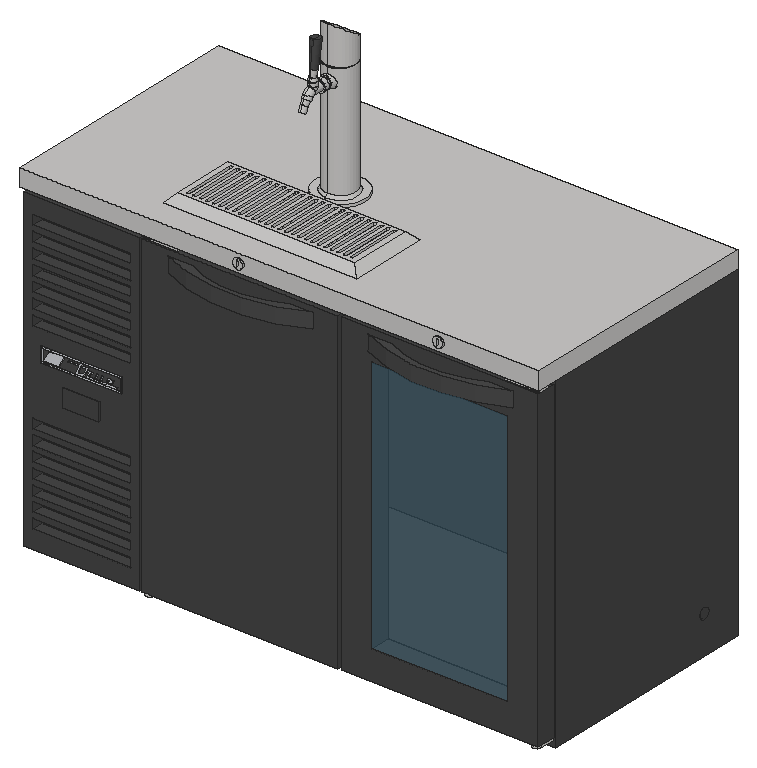
Revit family "QF_TRUE_TDR52-RISZ1-L-B-SG-1", category Specialty Equipment, Revit 2016
Family settings
  Part Type = Normal
  Round Connector Dimension = Use Diameter
  Work Plane-Based = No
  Always vertical = Yes
  Cut with Voids When Loaded = No
  Shared = No
  Room Calculation Point = No
Parameters (values of type "QF_TRUE_TDR52-RISZ1-L-B-SG-1")
  Weight in Pounds = 405
  Watts = if(Phase = 3, Volts * FL Amps * 1.73, Volts * FL Amps)  # 207 W
  Waste Water Discharge Temperature = 0 °F
  Volts = 115 V
  URL Cutsheet = ""
  Specification by User = ""
  Specification by Manufacturer = ""
  Show Logo [instance] = yes
  Show Leg Levelers [instance] = no
  Show Standard Unit [instance] = yes
  Show Seismic Flange [instance] = no
  Show 6 Inches Legs [instance] = no
  Show Clearance [instance] = yes
  Show 1 Inch Rollers [instance] = no
  Show 5 Inches Castors [instance] = no
  Show 4 Inches Castors [instance] = no
  Show 3 Inches Castors [instance] = no
  Show 2 Inches Castors [instance] = no
  Serial Number = ""
  Seismic Rating = ""
  SMACNA No = ""
  Revision Code = ""
  Plumbing Remarks = ""
  Plumbing Connection Type = ""
  Phase = 1
  Number of Poles = 1
  NAFEM Spec ID Number = ""
  Model = "TDR52-RISZ1-L-B-SG-1"
  Min Ckt Ampacity = 0 A
  Max Overcurrent Protection = 0 A
  Masterspec = ""
  Manufacturer = "TRUE"
  Length = 52"
  Item Number = ""
  Installed By = ""
  Indirect Waste Size = 1"
  Indirect Waste Flow = 0 GPM
  Indirect Waste Connection Type = ""
  Indirect Waste Connection Height = 0"
  Identify Quantity as Lot = yes
  Height [instance] = if(Show Standard Unit, 34 11/16", if(Show Leg Levelers, 34 15/16", if(Show 1 Inch Rollers, 35 9/16", if(Show 2 Inches Castors, 37 9/16", if(Show 3 Inches Castors, 38 9/16", if(Show 4 Inches Castors, 39 3/4", if(Show 5 Inches Castors, 40 3/4", if(Show 6 Inches Legs, 40 11/16", if(Show Seismic Flange, 40 11/16", 34 11/16")))))))))  # 34 11/16"
  HP = "1/5"
  Furnished By = ""
  Foodservice Equipment Identifier = yes
  FL Amps = 1.8 A
  Electrical Remarks = ""
  Electric Connection Type = ""
  Elec Conn RI Height = 0"
  Elec Conn Connection Height = 0"
  Description = "REACH-IN SINGLE ZONE REFRIGERATOR WITH LEFT SIDE REFRIGERATION SYSTEM. BLACK EXTERIOR AND SOLID & GLASS SWING DOORS"
  Depth = 26 3/8"
  Cycle = 60 Hz
  Conn Plug = "NEMA 5-15P"
  Conn Conduit = yes
  Cold Water Temperature Recommended = 0 °F
  Cold Water Size = 2 1/4"
  Cold Water RI Height = 0"
  Cold Water Minimum Pressure = 0.00 psi
  Cold Water Maximum Pressure = 0.00 psi
  Cold Water Flow = 0 GPM
  Cold Water Consumption = ""
  Cold Water Connection Height = 0"
  CSI MasterFormat = ""
  Apparent Power = if(Phase = 3, Volts * FL Amps * 1.73, Volts * FL Amps)  # 207 VA
Reference planes (in)
  plane 1 "BACK": y = 0
  plane 2: z = 0
  plane 3 "LEFT": x = 0
  plane 4 "RIGHT": x = 52
  plane 5 "FRONT": y = -26.375
  plane 6 "TOP": z = 0
  plane 7 "Center Y": x = 26
  plane 8 "Center X": y = -13.1875
  plane 9: y = -24.84375
  plane 10: y = -24.65625
  plane 11: y = -43.59375
  plane 12: z = 34.6875
Dimensions and locks (in)
  equal spacing: plane 3 "LEFT", plane 7 "Center Y", plane 4 "RIGHT"
  "Length": plane 3 "LEFT" to plane 4 "RIGHT"
  equal spacing: plane 5 "FRONT", plane 8 "Center X", plane 1 "BACK"
  "Depth": plane 5 "FRONT" to plane 1 "BACK"
  "Height": plane 12 to level
  plane 3 "LEFT" to plane 4 "RIGHT" = 52"
  plane 5 "FRONT" to plane 1 "BACK" = 26 3/8"
  plane 9 to plane 1 "BACK" = 24 27/32"
  plane 10 to plane 1 "BACK" = 24 21/32"
  plane 11 to plane 1 "BACK" = 43 19/32"
  locked: plane 12 to plane 6 "TOP" at 34.6875
  aligned and locked: level to plane 2
  aligned and locked: nested 1 to plane 6 "TOP"
Nested families (in)
  nested 1: "TDR52-RISZ1-L-B-SG-1" at (0, 0, 0), Show Clearance <- "Show Clearance", Show Logo <- "Show Logo", type "TDR52-RISZ1-L-B-SG-1"
    with Show Logo yes, Show Clearance yes
  nested 2: "CASTORS & LEGS" at (4, -20.61228, 0), Show 2 Inches Castors <- "Show 2 Inches Castors", Show 3 Inches Castors <- "Show 3 Inches Castors", Show 4 Inches Castors <- "Show 4 Inches Castors", Show 5 Inches Castors <- "Show 5 Inches Castors", Show Legs <- "Show 6 Inches Legs", Show Legs with Flandge <- "Show Seismic Flange", Show 1 Inch Rollers <- "Show 1 Inch Rollers", Show Leg Levelers <- "Show Leg Levelers", type "CASTORS & LEGS"
    with Type Mark "", Status "", Specification by User "", Show Legs with Flandge no, Show Legs no, Show Leg Levelers no, Show 5 Inches Castors no, Show 4 Inches Castors no, Show 3 Inches Castors no, Show 2 Inches Castors no, Show 1 Inch Rollers no, Revision Code "", Item Number "", Installed By "", Identify Quantity as Lot yes, Furnished By "", Foodservice Equipment Identifier yes
  nested 3: "CASTORS & LEGS" at (48, -20.61228, 0), Show 2 Inches Castors <- "Show 2 Inches Castors", Show 3 Inches Castors <- "Show 3 Inches Castors", Show 4 Inches Castors <- "Show 4 Inches Castors", Show 5 Inches Castors <- "Show 5 Inches Castors", Show Legs <- "Show 6 Inches Legs", Show Legs with Flandge <- "Show Seismic Flange", Show 1 Inch Rollers <- "Show 1 Inch Rollers", Show Leg Levelers <- "Show Leg Levelers", type "CASTORS & LEGS"
    with Type Mark "", Status "", Specification by User "", Show Legs with Flandge no, Show Legs no, Show Leg Levelers no, Show 5 Inches Castors no, Show 4 Inches Castors no, Show 3 Inches Castors no, Show 2 Inches Castors no, Show 1 Inch Rollers no, Revision Code "", Item Number "", Installed By "", Identify Quantity as Lot yes, Furnished By "", Foodservice Equipment Identifier yes
  nested 4: "CASTORS & LEGS" at (4, -3.48728, 0), Show 2 Inches Castors <- "Show 2 Inches Castors", Show 3 Inches Castors <- "Show 3 Inches Castors", Show 4 Inches Castors <- "Show 4 Inches Castors", Show 5 Inches Castors <- "Show 5 Inches Castors", Show Legs <- "Show 6 Inches Legs", Show Legs with Flandge <- "Show Seismic Flange", Show 1 Inch Rollers <- "Show 1 Inch Rollers", Show Leg Levelers <- "Show Leg Levelers", type "CASTORS & LEGS"
    with Type Mark "", Status "", Specification by User "", Show Legs with Flandge no, Show Legs no, Show Leg Levelers no, Show 5 Inches Castors no, Show 4 Inches Castors no, Show 3 Inches Castors no, Show 2 Inches Castors no, Show 1 Inch Rollers no, Revision Code "", Item Number "", Installed By "", Identify Quantity as Lot yes, Furnished By "", Foodservice Equipment Identifier yes
  nested 5: "CASTORS & LEGS" at (48, -3.48728, 0), Show 2 Inches Castors <- "Show 2 Inches Castors", Show 3 Inches Castors <- "Show 3 Inches Castors", Show 4 Inches Castors <- "Show 4 Inches Castors", Show 5 Inches Castors <- "Show 5 Inches Castors", Show Legs <- "Show 6 Inches Legs", Show Legs with Flandge <- "Show Seismic Flange", Show 1 Inch Rollers <- "Show 1 Inch Rollers", Show Leg Levelers <- "Show Leg Levelers", type "CASTORS & LEGS"
    with Type Mark "", Status "", Specification by User "", Show Legs with Flandge no, Show Legs no, Show Leg Levelers no, Show 5 Inches Castors no, Show 4 Inches Castors no, Show 3 Inches Castors no, Show 2 Inches Castors no, Show 1 Inch Rollers no, Revision Code "", Item Number "", Installed By "", Identify Quantity as Lot yes, Furnished By "", Foodservice Equipment Identifier yes
Connectors (in)
  electrical at (6, 0.25, 18.5), driven by "Volts", driven by "Watts"
    settings: on nested 1, index 1, voltage 115 V, apparent load 207 VA, apparent load phase1 0 VA, apparent load phase2 0 VA, apparent load phase3 0 VA, power factor 1, load classification "Other", number of poles 1, system type 30, power factor state 1, is connector primary yes, connector utility no, sub classification motor no, connector description "ELECTRICAL CONNECTION"
  piping at (16.75, -4.96875, 0.48808), diameter 2.25
    settings: on nested 1, index 2, connector inside diameter 24", connector length 0", flow factor 0, pipe flow 0 GPM, pressure drop 0.00 psi, fitting loss kfactor 0, connector angle 0.00°, fixture units 0, engagement length 0", angle of deflection 0.00°, flow configuration 1, flow direction 2, fitting loss method 0, system type 16, joint type 0, gender type 0, connector reference index -1, connector utility 0, adjustable connector no, is connector primary yes, connector description "FLOOR ACCESS"
  piping at (44.25, -4.34375, 0.48808), diameter 1, driven by "Indirect Waste Size"
    settings: on nested 1, index 3, connector inside diameter 24", connector length 0", flow factor 0, pipe flow 0 GPM, pressure drop 0.00 psi, fitting loss kfactor 0, connector angle 0.00°, fixture units 0, engagement length 0", angle of deflection 0.00°, flow configuration 1, flow direction 1, fitting loss method 0, system type 22, joint type 0, gender type 0, connector reference index -1, connector utility 0, adjustable connector no, is connector primary no, connector description "DRAIN"
  piping at (52.125, -4.3125, 3.96875), diameter 1
    settings: on nested 1, index 4, connector inside diameter 24", connector length 0", flow factor 0, pipe flow 0 GPM, pressure drop 0.00 psi, fitting loss kfactor 0, connector angle 0.00°, fixture units 0, engagement length 0", angle of deflection 0.00°, flow configuration 1, flow direction 1, fitting loss method 0, system type 22, joint type 0, gender type 0, connector reference index -1, connector utility 0, adjustable connector no, is connector primary no, connector description "CONDENSATE"
Definition of nested family "TDR52-RISZ1-L-B-SG-1"
  Parameters (values of type "TDR52-RISZ1-L-B-SG-1")
    Weight in Pounds = 405
    Watts = if(Phase = 3, Volts * FL Amps * 1.73, Volts * FL Amps)  # 207 W
    Waste Water Discharge Temperature = 0 °F
    Volts = 115 V
    URL Cutsheet = ""
    Specification by User = ""
    Specification by Manufacturer = ""
    Show Logo [instance] = yes
    Show Clearance [instance] = yes
    Serial Number = ""
    Seismic Rating = ""
    SMACNA No = ""
    Revision Code = ""
    Plumbing Remarks = ""
    Plumbing Connection Type = ""
    Phase = 1
    Number of Poles = 1
    NAFEM Spec ID Number = ""
    Model = "TBR52-RISZ1-L-B-GG-1"
    Min Ckt Ampacity = 0 A
    Max Overcurrent Protection = 0 A
    Masterspec = ""
    Manufacturer = "TRUE"
    Length = 52"
    Item Number = ""
    Installed By = ""
    Indirect Waste Size = 1"
    Indirect Waste Flow = 0 GPM
    Indirect Waste Connection Type = ""
    Indirect Waste Connection Height = 0"
    Identify Quantity as Lot = yes
    Height = 34 11/16"
    HP = "1/5"
    Furnished By = ""
    Foodservice Equipment Identifier = yes
    FL Amps = 1.8 A
    Electrical Remarks = ""
    Electric Connection Type = ""
    Elec Conn RI Height = 0"
    Elec Conn Connection Height = 0"
    Description = "REACH-IN SINGLE ZONE REFRIGERATOR WITH LEFT SIDE REFRIGERATION SYSTEM. BLACK EXTERIOR AND GLASS SWING DOORS"
    Depth = 26 3/8"
    Cycle = 60 Hz
    Conn Plug = "NEMA 5-15P"
    Conn Conduit = yes
    Cold Water Temperature Recommended = 0 °F
    Cold Water Size = 2 1/4"
    Cold Water RI Height = 0"
    Cold Water Minimum Pressure = 0.00 psi
    Cold Water Maximum Pressure = 0.00 psi
    Cold Water Flow = 0 GPM
    Cold Water Consumption = ""
    Cold Water Connection Height = 0"
    CSI MasterFormat = ""
    Apparent Power = if(Phase = 3, Volts * FL Amps * 1.73, Volts * FL Amps)  # 207 VA
  Reference planes (in)
    plane 1 "BACK": y = 0
    plane 2: z = 0
    plane 3 "LEFT": x = 0
    plane 4 "RIGHT": x = 52
    plane 5 "FRONT": y = -26.375
    plane 6 "TOP": z = 34.6875
    plane 7 "Center Y": x = 26
    plane 8 "Center X": y = -13.1875
    plane 9: y = -24.84375
    plane 10: y = -24.65625
    plane 11: y = -43.59375
    plane 12: x = 21.96875
    plane 13: y = -12.21875
    plane 14: z = 50.4375
  Forms (in)
    Extrusion 1, solid
      sketch origin (0, 0, 0) x (0, 1, 0) y (0, 0, 1)
        loop
          line (-24.84375, 34.6875) -> (-24.84375, 32.9375) -> (0, 32.9375) -> (0, 34.6875) -> (-24.84375, 34.6875)
      from 0 to 52
    Extrusion 2, solid
      sketch origin (0, 0, 0) x (1, 0, 0) y (0, 0, 1)
        loop
          line (0, 32.9375) -> (0, 0) -> (52, 0) -> (52, 32.9375) -> (0, 32.9375)
        loop
          line (12.09375, 32.46875) -> (12.09375, 0.78125) -> (51.75, 0.78125) -> (51.75, 32.46875) -> (12.09375, 32.46875)
      from 0 to 22.75
    Extrusion 3, solid
      sketch origin (0, 0, 0) x (-1, 0, 0) y (0, 0, 1)
        loop
          line (-12.09375, 32.46875) -> (-51.75, 32.46875) -> (-51.75, 0.78125) -> (-12.09375, 0.78125) -> (-12.09375, 32.46875)
      from 0 to -2
    Extrusion 4, solid
      sketch origin (0, -22.75, 0) x (1, 0, 0) y (0, 0, 1)
        loop
          line (0.25, 0.78125) -> (11.84375, 0.78125) -> (11.84375, 32.46875) -> (0.25, 32.46875) -> (0.25, 0.78125)
        loop
          line (1.125, 30.81709) -> (1.125, 29.81709) -> (10.96875, 29.81709) -> (10.96875, 30.81709) -> (1.125, 30.81709)
        loop
          line (1.125, 29.31709) -> (1.125, 28.31709) -> (10.96875, 28.31709) -> (10.96875, 29.31709) -> (1.125, 29.31709)
        loop
          line (1.125, 27.81709) -> (1.125, 26.81709) -> (10.96875, 26.81709) -> (10.96875, 27.81709) -> (1.125, 27.81709)
        loop
          line (1.125, 26.31709) -> (1.125, 25.31709) -> (10.96875, 25.31709) -> (10.96875, 26.31709) -> (1.125, 26.31709)
        loop
          line (1.125, 24.81709) -> (1.125, 23.81709) -> (10.96875, 23.81709) -> (10.96875, 24.81709) -> (1.125, 24.81709)
        loop
          line (1.125, 21.81709) -> (1.125, 20.81709) -> (10.96875, 20.81709) -> (10.96875, 21.81709) -> (1.125, 21.81709)
        loop
          line (1.125, 23.31709) -> (1.125, 22.31709) -> (10.96875, 22.31709) -> (10.96875, 23.31709) -> (1.125, 23.31709)
        loop
          line (1.125, 12.56709) -> (1.125, 11.56709) -> (10.96875, 11.56709) -> (10.96875, 12.56709) -> (1.125, 12.56709)
        loop
          line (1.125, 11.06709) -> (1.125, 10.06709) -> (10.96875, 10.06709) -> (10.96875, 11.06709) -> (1.125, 11.06709)
        loop
          line (1.125, 9.56709) -> (1.125, 8.56709) -> (10.96875, 8.56709) -> (10.96875, 9.56709) -> (1.125, 9.56709)
        loop
          line (1.125, 8.06709) -> (1.125, 7.06709) -> (10.96875, 7.06709) -> (10.96875, 8.06709) -> (1.125, 8.06709)
        loop
          line (1.125, 6.56709) -> (1.125, 5.56709) -> (10.96875, 5.56709) -> (10.96875, 6.56709) -> (1.125, 6.56709)
        loop
          line (1.125, 3.56709) -> (1.125, 2.56709) -> (10.96875, 2.56709) -> (10.96875, 3.56709) -> (1.125, 3.56709)
        loop
          line (1.125, 5.06709) -> (1.125, 4.06709) -> (10.96875, 4.06709) -> (10.96875, 5.06709) -> (1.125, 5.06709)
      from 0.125 to 1.90625
    Extrusion 5, solid
      sketch origin (0, -22.75, 0) x (1, 0, 0) y (0, 0, 1)
        loop
          line (12.09375, 0.78125) -> (31.71875, 0.78125) -> (31.71875, 32.46875) -> (12.09375, 32.46875) -> (12.09375, 0.78125)
        loop
          line (51.75, 0.78125) -> (51.75, 32.46875) -> (32.125, 32.46875) -> (32.125, 0.78125) -> (51.75, 0.78125)
        loop
          line (48.75, 29.46875) -> (35.125, 29.46875) -> (35.125, 3.78125) -> (48.75, 3.78125) -> (48.75, 29.46875)
      from 0 to 1.90625
    Extrusion 6, solid
      sketch origin (0, -22.75, 0) x (1, 0, 0) y (0, 0, 1)
        loop
          line (35.125, 29.46875) -> (35.125, 3.78125) -> (48.75, 3.78125) -> (48.75, 29.46875) -> (35.125, 29.46875)
      from 0 to 1.90625
    Extrusion 7, solid
      sketch origin (0.04324, -24.65625, 0) x (1, 0, 0) y (0, 0, 1)
        loop
          line (4.20676, 16.37472) -> (4.20676, 14.62472) -> (7.80051, 14.62472) -> (7.80051, 16.37472) -> (4.20676, 16.37472)
      from 0 to 0.125
    Extrusion 8, solid
      sketch origin (6, -24.84375, 34.4375) x (0, 0, 1) y (-1, 0, 0)
        loop
          circle (-0.65572, -15.90625) r 0.5
        loop
          line (-0.32569, -15.84362) -> (-0.96744, -15.84362) -> (-0.96744, -15.98332) -> (-0.32569, -15.98332) -> (-0.32569, -15.84362)
        loop
          circle (-0.65572, -35.9375) r 0.5
        loop
          line (-0.32569, -35.87487) -> (-0.96744, -35.87487) -> (-0.96744, -36.01457) -> (-0.32569, -36.01457) -> (-0.32569, -35.87487)
      from 0 to 0.125
    Extrusion 9, solid
      sketch origin (0, -22.75, 0) x (1, 0, 0) y (0, 0, 1)
        loop
          line (1.28286, 30.81709) -> (1.28286, 29.81709) -> (11.12661, 29.81709) -> (11.12661, 30.81709) -> (1.28286, 30.81709)
        loop
          line (1.28286, 29.31709) -> (1.28286, 28.31709) -> (11.12661, 28.31709) -> (11.12661, 29.31709) -> (1.28286, 29.31709)
        loop
          line (1.28286, 27.81709) -> (1.28286, 26.81709) -> (11.12661, 26.81709) -> (11.12661, 27.81709) -> (1.28286, 27.81709)
        loop
          line (1.28286, 26.31709) -> (1.28286, 25.31709) -> (11.12661, 25.31709) -> (11.12661, 26.31709) -> (1.28286, 26.31709)
        loop
          line (1.28286, 24.81709) -> (1.28286, 23.81709) -> (11.12661, 23.81709) -> (11.12661, 24.81709) -> (1.28286, 24.81709)
        loop
          line (1.28286, 21.81709) -> (1.28286, 20.81709) -> (11.12661, 20.81709) -> (11.12661, 21.81709) -> (1.28286, 21.81709)
        loop
          line (1.28286, 23.31709) -> (1.28286, 22.31709) -> (11.12661, 22.31709) -> (11.12661, 23.31709) -> (1.28286, 23.31709)
        loop
          line (1.28286, 12.56709) -> (1.28286, 11.56709) -> (11.12661, 11.56709) -> (11.12661, 12.56709) -> (1.28286, 12.56709)
        loop
          line (1.28286, 11.06709) -> (1.28286, 10.06709) -> (11.12661, 10.06709) -> (11.12661, 11.06709) -> (1.28286, 11.06709)
        loop
          line (1.28286, 9.56709) -> (1.28286, 8.56709) -> (11.12661, 8.56709) -> (11.12661, 9.56709) -> (1.28286, 9.56709)
        loop
          line (1.28286, 8.06709) -> (1.28286, 7.06709) -> (11.12661, 7.06709) -> (11.12661, 8.06709) -> (1.28286, 8.06709)
        loop
          line (1.28286, 6.56709) -> (1.28286, 5.56709) -> (11.12661, 5.56709) -> (11.12661, 6.56709) -> (1.28286, 6.56709)
        loop
          line (1.28286, 3.56709) -> (1.28286, 2.56709) -> (11.12661, 2.56709) -> (11.12661, 3.56709) -> (1.28286, 3.56709)
        loop
          line (1.28286, 5.06709) -> (1.28286, 4.06709) -> (11.12661, 4.06709) -> (11.12661, 5.06709) -> (1.28286, 5.06709)
      from 0.125 to 0.7394
    Extrusion 10, solid
      sketch origin (38.62034, -22.77627, 32.7789) x (-1, 0, 0) y (0, -1, 0)
        loop
          line (26.54069, 1.96875) -> (25.55416, 1.96875) -> (25.58853, 0) -> (26.50632, 0) -> (26.54069, 1.96875)
        loop
          circle (26.09249, 1.43752) r 0.25
      from 0 to 0.1586
    Extrusion 11, solid
      sketch origin (11.86749, -22.16889, 0.78125) x (0, -1, 0) y (-1, 0, 0)
        loop
          line (0.60739, -1.14466) -> (2.06523, -1.11503)
          arc (2.06523, -1.11503) -> (2.48736, -0.68546) -> (2.06523, -0.25589) r 0.42963
          line (2.06523, -0.25589) -> (0.60739, -0.22626) -> (0.60739, -1.14466)
        loop
          circle (2.05773, -0.68546) r 0.25
      from 0 to 0.22057
    Extrusion 12, solid
      sketch origin (11.86749, -22.16889, 0.78125) x (0, -1, 0) y (-1, 0, 0)
        loop
          circle (2.05773, -0.68546) r 0.25
      from 0 to 0.29961
    Extrusion 13, solid
      sketch origin (38.62034, -22.16889, 32.46875) x (-1, 0, 0) y (0, -1, 0)
        loop
          line (26.52659, 1.27764) -> (26.52659, 2.32875) -> (23.06149, 2.32875) -> (23.06149, 1.27764) -> (26.52659, 1.27764)
        loop
          circle (26.09113, 1.82353) r 0.25
        loop
          circle (24.44087, 1.81192) r 0.25
        loop
          circle (23.44087, 1.81192) r 0.25
      from 0 to 0.22057
    Extrusion 14, solid
      sketch origin (38.62034, -22.16889, 32.46875) x (-1, 0, 0) y (0, -1, 0)
        loop
          circle (24.44087, 1.81192) r 0.25
        loop
          circle (23.44087, 1.81192) r 0.25
      from 0 to 0.31015
    Extrusion 15, solid
      sketch origin (11.86749, -22.16889, 0.78125) x (0, -1, 0) y (-1, 0, 0)
        loop
          line (0.60739, -1.14466) -> (2.06523, -1.11503)
          arc (2.06523, -1.11503) -> (2.48736, -0.68546) -> (2.06523, -0.25589) r 0.42963
          line (2.06523, -0.25589) -> (0.60739, -0.22626) -> (0.60739, -1.14466)
        loop
          circle (2.05773, -0.68546) r 0.25
      from 0 to 0.22057
    Extrusion 16, solid
      sketch origin (11.86749, -22.16889, 0.78125) x (0, -1, 0) y (-1, 0, 0)
        loop
          circle (2.05773, -0.68546) r 0.25
      from 0 to 0.29961
    Extrusion 17, solid
      sketch origin (38.62034, -22.16889, 32.9664) x (-1, 0, 0) y (0, -1, 0)
        loop
          circle (26.09249, 1.82353) r 0.25
      from -0.0289 to -0.27708
    Extrusion 18, solid
      sketch origin (25.22341, -22.77627, 32.7789) x (1, 0, 0) y (0, 1, 0)
        loop
          line (26.54069, -1.96875) -> (26.50632, 0) -> (25.58853, 0) -> (25.55416, -1.96875) -> (26.54069, -1.96875)
        loop
          circle (26.09249, -1.43752) r 0.25
      from 0 to 0.1586
    Extrusion 19, solid
      sketch origin (51.97626, -22.16889, 0.78125) x (0, 1, 0) y (1, 0, 0)
        loop
          line (-0.60739, -1.14466) -> (-0.60739, -0.22626) -> (-2.06523, -0.25589)
          arc (-2.06523, -0.25589) -> (-2.48736, -0.68546) -> (-2.06523, -1.11503) r 0.42963
          line (-2.06523, -1.11503) -> (-0.60739, -1.14466)
        loop
          circle (-2.05773, -0.68546) r 0.25
      from 0 to 0.22057
    Extrusion 20, solid
      sketch origin (51.97626, -22.16889, 0.78125) x (0, 1, 0) y (1, 0, 0)
        loop
          circle (-2.05773, -0.68546) r 0.25
      from 0 to 0.29961
    Extrusion 21, solid
      sketch origin (25.22341, -22.16889, 32.46875) x (1, 0, 0) y (0, 1, 0)
        loop
          line (26.52659, -1.27764) -> (23.06149, -1.27764) -> (23.06149, -2.32875) -> (26.52659, -2.32875) -> (26.52659, -1.27764)
        loop
          circle (26.09113, -1.82353) r 0.25
        loop
          circle (24.44087, -1.81192) r 0.25
        loop
          circle (23.44087, -1.81192) r 0.25
      from 0 to 0.22057
    Extrusion 22, solid
      sketch origin (25.22341, -22.16889, 32.46875) x (1, 0, 0) y (0, 1, 0)
        loop
          circle (24.44087, -1.81192) r 0.25
        loop
          circle (23.44087, -1.81192) r 0.25
      from 0 to 0.31015
    Extrusion 23, solid
      sketch origin (51.97626, -22.16889, 0.78125) x (0, 1, 0) y (1, 0, 0)
        loop
          line (-0.60739, -1.14466) -> (-0.60739, -0.22626) -> (-2.06523, -0.25589)
          arc (-2.06523, -0.25589) -> (-2.48736, -0.68546) -> (-2.06523, -1.11503) r 0.42963
          line (-2.06523, -1.11503) -> (-0.60739, -1.14466)
        loop
          circle (-2.05773, -0.68546) r 0.25
      from 0 to 0.22057
    Extrusion 24, solid
      sketch origin (51.97626, -22.16889, 0.78125) x (0, 1, 0) y (1, 0, 0)
        loop
          circle (-2.05773, -0.68546) r 0.25
      from 0 to 0.29961
    Extrusion 25, solid
      sketch origin (25.22341, -22.16889, 32.9664) x (1, 0, 0) y (0, 1, 0)
        loop
          circle (26.09249, -1.82353) r 0.25
      from -0.0289 to -0.27708
    Extrusion 26, solid
      sketch origin (32.8125, -22.75, 32.46875) x (-1, 0, 0) y (0, -1, 0)
        loop
          arc (18.16831, 1.90625) -> (10.90625, 3.65113) -> (3.64419, 1.90625) r 15.9845
          line (3.64419, 1.90625) -> (5.9146, 1.90625)
          arc (5.9146, 1.90625) -> (10.90625, 3.15287) -> (15.8979, 1.90625) r 10.61701
          line (15.8979, 1.90625) -> (18.16831, 1.90625)
        loop
          arc (-1.86294, 1.90625) -> (-9.125, 3.65113) -> (-16.38706, 1.90625) r 15.9845
          line (-16.38706, 1.90625) -> (-14.11665, 1.90625)
          arc (-14.11665, 1.90625) -> (-9.125, 3.15287) -> (-4.13335, 1.90625) r 10.61701
          line (-4.13335, 1.90625) -> (-1.86294, 1.90625)
      from -2.11784 to -0.60631
    Extrusion 27, solid
      sketch origin (52, 0, 0) x (0, -1, 0) y (0, 0, 1)
        loop
          circle (4.3125, 3.96875) r 0.5
      from 0 to -0.125
    Extrusion 28, solid
      sketch origin (0, 0, 0) x (-1, 0, 0) y (0, 0, 1)
        loop
          line (0, 0) -> (0, 19.4375) -> (-10.96875, 19.4375) -> (-10.96875, 0) -> (0, 0)
      from 0 to 0.125
    Extrusion 29, solid
      sketch origin (0, 0, 0) x (-1, 0, 0) y (0, 0, 1)
        loop
          circle (-6, 18.5) r 0.5
        loop
          circle (-6, 21.75) r 0.5
      from 0 to 0.25
    Extrusion 30, solid
      sketch origin (48, 0, 0) x (0, 1, 0) y (1, 0, 0)
        loop
          circle (-4.96875, -31.25) r 1.25
        loop
          circle (-4.34375, -3.75) r 0.5
      from 0 to -0.48808
    Extrusion 31, solid, visible <- "Show Clearance", detail levels coarse
      sketch origin (0, 0, 0) x (1, 0, 0) y (0, 1, 0)
        loop
          line (12.09375, -24.65625) -> (12.09375, -43.59375)
          arc (12.09375, -43.59375) -> (25.76963, -38.12863) -> (31.71875, -24.65625) r 19.49216
          line (31.71875, -24.65625) -> (12.09375, -24.65625)
        loop
          line (51.75, -24.65625) -> (32.125, -24.65625)
          arc (32.125, -24.65625) -> (38.07412, -38.12863) -> (51.75, -43.59375) r 19.49216
          line (51.75, -43.59375) -> (51.75, -24.65625)
      from 0.78125 to 32.46875
    Revolve 32, solid
      sketch origin (21.96875, 7.92254, 48) x (0, 1, 0) y (0, 0, 1)
        loop
          line (-21.6916, 2.4375) -> (-21.6916, -1.28109) -> (-21.57551, -1.28109) -> (-21.57551, -1.4063) -> (-21.6916, -1.4063) -> (-21.6916, -12.76014) -> (-21.8852, -13.09546) -> (-22.6352, -13.09546) -> (-22.6352, -13.3125) -> (-20.14129, -13.3125) -> (-20.14129, 2.4375) -> (-21.6916, 2.4375)
        axis (-20.14129, -13.3125) -> (-20.14129, 2.4375)
      angle from 0 to 360
    Blend 33, solid
      base sketch origin (48.94358, -0.10353, 34.6875) x (-1, 0, 0) y (0, -1, 0)
        loop
          line (36.625, 14.26103) -> (36.625, 22.11177) -> (17.32467, 22.11177) -> (17.32467, 14.26103) -> (36.625, 14.26103)
      top sketch origin (48.94358, -0.10353, 34.6875) x (-1, 0, 0) y (0, -1, 0)
        loop
          line (35.875, 15.01103) -> (35.875, 21.36177) -> (18.07467, 21.36177) -> (18.07467, 15.01103) -> (35.875, 15.01103)
      from 0 to 0.80078
    Extrusion 34, void
      sketch origin (48.67015, -0.10353, 35.48828) x (-1, 0, 0) y (0, -1, 0)
        loop
          arc (35.09417, 20.80347) -> (34.9223, 20.97534) -> (34.75042, 20.80347) r 0.17187
          line (34.75042, 20.80347) -> (34.75042, 15.53813)
          arc (34.75042, 15.53813) -> (34.9223, 15.36625) -> (35.09417, 15.53813) r 0.17187
          line (35.09417, 15.53813) -> (35.09417, 20.80347)
        loop
          arc (34.43792, 20.80347) -> (34.26605, 20.97534) -> (34.09417, 20.80347) r 0.17187
          line (34.09417, 20.80347) -> (34.09417, 15.53813)
          arc (34.09417, 15.53813) -> (34.26605, 15.36625) -> (34.43792, 15.53813) r 0.17187
          line (34.43792, 15.53813) -> (34.43792, 20.80347)
        loop
          arc (33.78167, 20.80347) -> (33.6098, 20.97534) -> (33.43792, 20.80347) r 0.17187
          line (33.43792, 20.80347) -> (33.43792, 15.53813)
          arc (33.43792, 15.53813) -> (33.6098, 15.36625) -> (33.78167, 15.53813) r 0.17187
          line (33.78167, 15.53813) -> (33.78167, 20.80347)
        loop
          arc (33.12542, 20.80347) -> (32.95355, 20.97534) -> (32.78167, 20.80347) r 0.17187
          line (32.78167, 20.80347) -> (32.78167, 15.53813)
          arc (32.78167, 15.53813) -> (32.95355, 15.36625) -> (33.12542, 15.53813) r 0.17187
          line (33.12542, 15.53813) -> (33.12542, 20.80347)
        loop
          arc (32.46917, 20.80347) -> (32.2973, 20.97534) -> (32.12542, 20.80347) r 0.17187
          line (32.12542, 20.80347) -> (32.12542, 15.53813)
          arc (32.12542, 15.53813) -> (32.2973, 15.36625) -> (32.46917, 15.53813) r 0.17187
          line (32.46917, 15.53813) -> (32.46917, 20.80347)
        loop
          arc (31.81292, 20.80347) -> (31.64105, 20.97534) -> (31.46917, 20.80347) r 0.17187
          line (31.46917, 20.80347) -> (31.46917, 15.53813)
          arc (31.46917, 15.53813) -> (31.64105, 15.36625) -> (31.81292, 15.53813) r 0.17187
          line (31.81292, 15.53813) -> (31.81292, 20.80347)
        loop
          arc (31.15667, 20.80347) -> (30.9848, 20.97534) -> (30.81292, 20.80347) r 0.17187
          line (30.81292, 20.80347) -> (30.81292, 15.53813)
          arc (30.81292, 15.53813) -> (30.9848, 15.36625) -> (31.15667, 15.53813) r 0.17187
          line (31.15667, 15.53813) -> (31.15667, 20.80347)
        loop
          arc (30.50042, 20.80347) -> (30.32855, 20.97534) -> (30.15667, 20.80347) r 0.17187
          line (30.15667, 20.80347) -> (30.15667, 15.53813)
          arc (30.15667, 15.53813) -> (30.32855, 15.36625) -> (30.50042, 15.53813) r 0.17187
          line (30.50042, 15.53813) -> (30.50042, 20.80347)
        loop
          arc (29.84417, 20.80347) -> (29.6723, 20.97534) -> (29.50042, 20.80347) r 0.17187
          line (29.50042, 20.80347) -> (29.50042, 15.53813)
          arc (29.50042, 15.53813) -> (29.6723, 15.36625) -> (29.84417, 15.53813) r 0.17187
          line (29.84417, 15.53813) -> (29.84417, 20.80347)
        loop
          arc (29.18792, 20.80347) -> (29.01605, 20.97534) -> (28.84417, 20.80347) r 0.17187
          line (28.84417, 20.80347) -> (28.84417, 15.53813)
          arc (28.84417, 15.53813) -> (29.01605, 15.36625) -> (29.18792, 15.53813) r 0.17187
          line (29.18792, 15.53813) -> (29.18792, 20.80347)
        loop
          arc (28.53167, 20.80347) -> (28.3598, 20.97534) -> (28.18792, 20.80347) r 0.17187
          line (28.18792, 20.80347) -> (28.18792, 15.53813)
          arc (28.18792, 15.53813) -> (28.3598, 15.36625) -> (28.53167, 15.53813) r 0.17187
          line (28.53167, 15.53813) -> (28.53167, 20.80347)
        loop
          arc (27.87542, 20.80347) -> (27.70355, 20.97534) -> (27.53167, 20.80347) r 0.17187
          line (27.53167, 20.80347) -> (27.53167, 15.53813)
          arc (27.53167, 15.53813) -> (27.70355, 15.36625) -> (27.87542, 15.53813) r 0.17187
          line (27.87542, 15.53813) -> (27.87542, 20.80347)
        loop
          arc (27.21917, 20.80347) -> (27.0473, 20.97534) -> (26.87542, 20.80347) r 0.17187
          line (26.87542, 20.80347) -> (26.87542, 15.53813)
          arc (26.87542, 15.53813) -> (27.0473, 15.36625) -> (27.21917, 15.53813) r 0.17187
          line (27.21917, 15.53813) -> (27.21917, 20.80347)
        loop
          arc (26.56292, 20.80347) -> (26.39105, 20.97534) -> (26.21917, 20.80347) r 0.17187
          line (26.21917, 20.80347) -> (26.21917, 15.53813)
          arc (26.21917, 15.53813) -> (26.39105, 15.36625) -> (26.56292, 15.53813) r 0.17187
          line (26.56292, 15.53813) -> (26.56292, 20.80347)
        loop
          arc (25.90667, 20.80347) -> (25.7348, 20.97534) -> (25.56292, 20.80347) r 0.17187
          line (25.56292, 20.80347) -> (25.56292, 15.53813)
          arc (25.56292, 15.53813) -> (25.7348, 15.36625) -> (25.90667, 15.53813) r 0.17187
          line (25.90667, 15.53813) -> (25.90667, 20.80347)
        loop
          arc (25.25042, 20.80347) -> (25.07855, 20.97534) -> (24.90667, 20.80347) r 0.17187
          line (24.90667, 20.80347) -> (24.90667, 15.53813)
          arc (24.90667, 15.53813) -> (25.07855, 15.36625) -> (25.25042, 15.53813) r 0.17187
          line (25.25042, 15.53813) -> (25.25042, 20.80347)
        loop
          arc (24.59417, 20.80347) -> (24.4223, 20.97534) -> (24.25042, 20.80347) r 0.17187
          line (24.25042, 20.80347) -> (24.25042, 15.53813)
          arc (24.25042, 15.53813) -> (24.4223, 15.36625) -> (24.59417, 15.53813) r 0.17187
          line (24.59417, 15.53813) -> (24.59417, 20.80347)
        loop
          arc (23.93792, 20.80347) -> (23.76605, 20.97534) -> (23.59417, 20.80347) r 0.17187
          line (23.59417, 20.80347) -> (23.59417, 15.53813)
          arc (23.59417, 15.53813) -> (23.76605, 15.36625) -> (23.93792, 15.53813) r 0.17187
          line (23.93792, 15.53813) -> (23.93792, 20.80347)
        loop
          arc (23.28167, 20.80347) -> (23.1098, 20.97534) -> (22.93792, 20.80347) r 0.17187
          line (22.93792, 20.80347) -> (22.93792, 15.53813)
          arc (22.93792, 15.53813) -> (23.1098, 15.36625) -> (23.28167, 15.53813) r 0.17187
          line (23.28167, 15.53813) -> (23.28167, 20.80347)
        loop
          arc (22.62542, 20.80347) -> (22.45355, 20.97534) -> (22.28167, 20.80347) r 0.17187
          line (22.28167, 20.80347) -> (22.28167, 15.53813)
          arc (22.28167, 15.53813) -> (22.45355, 15.36625) -> (22.62542, 15.53813) r 0.17187
          line (22.62542, 15.53813) -> (22.62542, 20.80347)
        loop
          arc (21.96917, 20.80347) -> (21.7973, 20.97534) -> (21.62542, 20.80347) r 0.17187
          line (21.62542, 20.80347) -> (21.62542, 15.53813)
          arc (21.62542, 15.53813) -> (21.7973, 15.36625) -> (21.96917, 15.53813) r 0.17187
          line (21.96917, 15.53813) -> (21.96917, 20.80347)
        loop
          arc (21.31292, 20.80347) -> (21.14105, 20.97534) -> (20.96917, 20.80347) r 0.17187
          line (20.96917, 20.80347) -> (20.96917, 15.53813)
          arc (20.96917, 15.53813) -> (21.14105, 15.36625) -> (21.31292, 15.53813) r 0.17187
          line (21.31292, 15.53813) -> (21.31292, 20.80347)
        loop
          arc (20.65667, 20.80347) -> (20.4848, 20.97534) -> (20.31292, 20.80347) r 0.17187
          line (20.31292, 20.80347) -> (20.31292, 15.53813)
          arc (20.31292, 15.53813) -> (20.4848, 15.36625) -> (20.65667, 15.53813) r 0.17187
          line (20.65667, 15.53813) -> (20.65667, 20.80347)
        loop
          arc (20.00042, 20.80347) -> (19.82855, 20.97534) -> (19.65667, 20.80347) r 0.17187
          line (19.65667, 20.80347) -> (19.65667, 15.53813)
          arc (19.65667, 15.53813) -> (19.82855, 15.36625) -> (20.00042, 15.53813) r 0.17187
          line (20.00042, 15.53813) -> (20.00042, 20.80347)
        loop
          arc (19.34417, 20.80347) -> (19.1723, 20.97534) -> (19.00042, 20.80347) r 0.17187
          line (19.00042, 20.80347) -> (19.00042, 15.53813)
          arc (19.00042, 15.53813) -> (19.1723, 15.36625) -> (19.34417, 15.53813) r 0.17187
          line (19.34417, 15.53813) -> (19.34417, 20.80347)
        loop
          arc (18.68792, 20.80347) -> (18.51605, 20.97534) -> (18.34417, 20.80347) r 0.17187
          line (18.34417, 20.80347) -> (18.34417, 15.53813)
          arc (18.34417, 15.53813) -> (18.51605, 15.36625) -> (18.68792, 15.53813) r 0.17187
          line (18.68792, 15.53813) -> (18.68792, 20.80347)
      from 0 to -0.25
    Extrusion 35, void
      sketch origin (21.96875, 7.92254, 48) x (0, 1, 0) y (0, 0, 1)
        loop
          line (-17.97981, 0.02703) -> (-17.97981, 2.60182) -> (-21.94464, 2.60182) -> (-17.97981, 0.02703)
      from -3.11934 to 3.44316
    Revolve 36, solid
      sketch origin (21.96875, -10.20656, 37.5625) x (0, 1, 0) y (0, 0, 1)
        loop
          line (-3.1245, 8.54961) -> (-3.83809, 8.33854) -> (-3.83809, 8.19638) -> (-4.14076, 8.19638) -> (-4.14076, 8.29864) -> (-4.59459, 8.33854) -> (-4.59459, 7.75) -> (-3.1245, 7.75) -> (-3.1245, 8.54961)
        axis (-4.59459, 7.75) -> (-3.1245, 7.75)
      angle from 0 to 360
    Sweep 37, solid
      path origin (21.96875, -10.20656, 37.5625) x (0, 1, 0) y (0, 0, 1)
        loop
          line (-6.20823, 7.27655) -> (-6.05649, 7.53935)
          arc (-6.05649, 7.53935) -> (-5.90229, 7.69356) -> (-5.69164, 7.75) r 0.42129
          line (-5.69164, 7.75) -> (-4.59459, 7.75)
      profile origin (21.96875, -16.33892, 44.97045) x (0, -0.866025, 0.5) y (1, 0, 0)
        loop
          circle (0, 0) r 0.38996
    Revolve 38, solid
      sketch origin (21.96875, -10.11487, 37.5625) x (0, 1, 0) y (0, 0, 1)
        loop
          line (-6.00212, 7.10461) -> (-6.29992, 7.27655) -> (-6.84717, 6.32867) -> (-6.60265, 6.1875) -> (-6.3059, 6.70149) -> (-6.00212, 7.10461)
        axis (-6.29992, 7.27655) -> (-6.84717, 6.32867)
      angle from 0 to 360
    Revolve 39, solid
      sketch origin (21.96875, -10.20656, 37.5625) x (0, 1, 0) y (0, 0, 1)
        loop
          line (-5.7963, 7.83401) -> (-5.4378, 7.83401) -> (-5.4378, 8.58754) -> (-5.75588, 8.58754) -> (-5.83409, 8.50933) -> (-5.83409, 8.25933) -> (-5.7963, 8.19387) -> (-5.7963, 7.83401)
        axis (-5.4378, 7.83401) -> (-5.4378, 8.58754)
      angle from 0 to 360
    Revolve 40, solid
      sketch origin (21.96875, -10.20656, 37.5625) x (0, 1, 0) y (0, 0, 1)
        loop
          line (-5.04861, 12.29037) -> (-5.44993, 8.47216) -> (-5.31388, 8.45786) -> (-5.29696, 8.61884) -> (-5.05675, 8.61884) -> (-5.09034, 8.89242) -> (-5.15716, 8.90785) -> (-4.99293, 9.61924) -> (-4.5992, 12.24314) -> (-5.04861, 12.29037)
        axis (-5.44993, 8.47216) -> (-5.04861, 12.29037)
      angle from 0 to 360
    Revolve 41, solid, not visible
      sketch origin (20.96875, 8.02607, 48) x (0, 1, 0) y (0, 0, 1)
        loop
          line (-21.6916, 2.4375) -> (-21.6916, -1.28109) -> (-21.57551, -1.28109) -> (-21.57551, -1.4063) -> (-21.6916, -1.4063) -> (-21.6916, -12.76014) -> (-21.8852, -13.09546) -> (-22.6352, -13.09546) -> (-22.6352, -13.3125) -> (-20.14129, -13.3125) -> (-20.14129, 2.4375) -> (-21.6916, 2.4375)
        axis (-20.14129, -13.3125) -> (-20.14129, 2.4375)
      angle from 0 to 360
    Blend 42, solid, not visible
      base sketch origin (47.94358, 0, 34.6875) x (-1, 0, 0) y (0, -1, 0)
        loop
          line (36.625, 14.26103) -> (36.625, 22.11177) -> (17.32467, 22.11177) -> (17.32467, 14.26103) -> (36.625, 14.26103)
      top sketch origin (47.94358, 0, 34.6875) x (-1, 0, 0) y (0, -1, 0)
        loop
          line (35.875, 15.01103) -> (35.875, 21.36177) -> (18.07467, 21.36177) -> (18.07467, 15.01103) -> (35.875, 15.01103)
      from 0 to 0.80078
    Extrusion 43, void, not visible
      sketch origin (47.67015, 0, 35.48828) x (-1, 0, 0) y (0, -1, 0)
        loop
          arc (35.09417, 20.80347) -> (34.9223, 20.97534) -> (34.75042, 20.80347) r 0.17187
          line (34.75042, 20.80347) -> (34.75042, 15.53813)
          arc (34.75042, 15.53813) -> (34.9223, 15.36625) -> (35.09417, 15.53813) r 0.17187
          line (35.09417, 15.53813) -> (35.09417, 20.80347)
        loop
          arc (34.43792, 20.80347) -> (34.26605, 20.97534) -> (34.09417, 20.80347) r 0.17187
          line (34.09417, 20.80347) -> (34.09417, 15.53813)
          arc (34.09417, 15.53813) -> (34.26605, 15.36625) -> (34.43792, 15.53813) r 0.17187
          line (34.43792, 15.53813) -> (34.43792, 20.80347)
        loop
          arc (33.78167, 20.80347) -> (33.6098, 20.97534) -> (33.43792, 20.80347) r 0.17187
          line (33.43792, 20.80347) -> (33.43792, 15.53813)
          arc (33.43792, 15.53813) -> (33.6098, 15.36625) -> (33.78167, 15.53813) r 0.17187
          line (33.78167, 15.53813) -> (33.78167, 20.80347)
        loop
          arc (33.12542, 20.80347) -> (32.95355, 20.97534) -> (32.78167, 20.80347) r 0.17187
          line (32.78167, 20.80347) -> (32.78167, 15.53813)
          arc (32.78167, 15.53813) -> (32.95355, 15.36625) -> (33.12542, 15.53813) r 0.17187
          line (33.12542, 15.53813) -> (33.12542, 20.80347)
        loop
          arc (32.46917, 20.80347) -> (32.2973, 20.97534) -> (32.12542, 20.80347) r 0.17187
          line (32.12542, 20.80347) -> (32.12542, 15.53813)
          arc (32.12542, 15.53813) -> (32.2973, 15.36625) -> (32.46917, 15.53813) r 0.17187
          line (32.46917, 15.53813) -> (32.46917, 20.80347)
        loop
          arc (31.81292, 20.80347) -> (31.64105, 20.97534) -> (31.46917, 20.80347) r 0.17187
          line (31.46917, 20.80347) -> (31.46917, 15.53813)
          arc (31.46917, 15.53813) -> (31.64105, 15.36625) -> (31.81292, 15.53813) r 0.17187
          line (31.81292, 15.53813) -> (31.81292, 20.80347)
        loop
          arc (31.15667, 20.80347) -> (30.9848, 20.97534) -> (30.81292, 20.80347) r 0.17187
          line (30.81292, 20.80347) -> (30.81292, 15.53813)
          arc (30.81292, 15.53813) -> (30.9848, 15.36625) -> (31.15667, 15.53813) r 0.17187
          line (31.15667, 15.53813) -> (31.15667, 20.80347)
        loop
          arc (30.50042, 20.80347) -> (30.32855, 20.97534) -> (30.15667, 20.80347) r 0.17187
          line (30.15667, 20.80347) -> (30.15667, 15.53813)
          arc (30.15667, 15.53813) -> (30.32855, 15.36625) -> (30.50042, 15.53813) r 0.17187
          line (30.50042, 15.53813) -> (30.50042, 20.80347)
        loop
          arc (29.84417, 20.80347) -> (29.6723, 20.97534) -> (29.50042, 20.80347) r 0.17187
          line (29.50042, 20.80347) -> (29.50042, 15.53813)
          arc (29.50042, 15.53813) -> (29.6723, 15.36625) -> (29.84417, 15.53813) r 0.17187
          line (29.84417, 15.53813) -> (29.84417, 20.80347)
        loop
          arc (29.18792, 20.80347) -> (29.01605, 20.97534) -> (28.84417, 20.80347) r 0.17187
          line (28.84417, 20.80347) -> (28.84417, 15.53813)
          arc (28.84417, 15.53813) -> (29.01605, 15.36625) -> (29.18792, 15.53813) r 0.17187
          line (29.18792, 15.53813) -> (29.18792, 20.80347)
        loop
          arc (28.53167, 20.80347) -> (28.3598, 20.97534) -> (28.18792, 20.80347) r 0.17187
          line (28.18792, 20.80347) -> (28.18792, 15.53813)
          arc (28.18792, 15.53813) -> (28.3598, 15.36625) -> (28.53167, 15.53813) r 0.17187
          line (28.53167, 15.53813) -> (28.53167, 20.80347)
        loop
          arc (27.87542, 20.80347) -> (27.70355, 20.97534) -> (27.53167, 20.80347) r 0.17187
          line (27.53167, 20.80347) -> (27.53167, 15.53813)
          arc (27.53167, 15.53813) -> (27.70355, 15.36625) -> (27.87542, 15.53813) r 0.17187
          line (27.87542, 15.53813) -> (27.87542, 20.80347)
        loop
          arc (27.21917, 20.80347) -> (27.0473, 20.97534) -> (26.87542, 20.80347) r 0.17187
          line (26.87542, 20.80347) -> (26.87542, 15.53813)
          arc (26.87542, 15.53813) -> (27.0473, 15.36625) -> (27.21917, 15.53813) r 0.17187
          line (27.21917, 15.53813) -> (27.21917, 20.80347)
        loop
          arc (26.56292, 20.80347) -> (26.39105, 20.97534) -> (26.21917, 20.80347) r 0.17187
          line (26.21917, 20.80347) -> (26.21917, 15.53813)
          arc (26.21917, 15.53813) -> (26.39105, 15.36625) -> (26.56292, 15.53813) r 0.17187
          line (26.56292, 15.53813) -> (26.56292, 20.80347)
        loop
          arc (25.90667, 20.80347) -> (25.7348, 20.97534) -> (25.56292, 20.80347) r 0.17187
          line (25.56292, 20.80347) -> (25.56292, 15.53813)
          arc (25.56292, 15.53813) -> (25.7348, 15.36625) -> (25.90667, 15.53813) r 0.17187
          line (25.90667, 15.53813) -> (25.90667, 20.80347)
        loop
          arc (25.25042, 20.80347) -> (25.07855, 20.97534) -> (24.90667, 20.80347) r 0.17187
          line (24.90667, 20.80347) -> (24.90667, 15.53813)
          arc (24.90667, 15.53813) -> (25.07855, 15.36625) -> (25.25042, 15.53813) r 0.17187
          line (25.25042, 15.53813) -> (25.25042, 20.80347)
        loop
          arc (24.59417, 20.80347) -> (24.4223, 20.97534) -> (24.25042, 20.80347) r 0.17187
          line (24.25042, 20.80347) -> (24.25042, 15.53813)
          arc (24.25042, 15.53813) -> (24.4223, 15.36625) -> (24.59417, 15.53813) r 0.17187
          line (24.59417, 15.53813) -> (24.59417, 20.80347)
        loop
          arc (23.93792, 20.80347) -> (23.76605, 20.97534) -> (23.59417, 20.80347) r 0.17187
          line (23.59417, 20.80347) -> (23.59417, 15.53813)
          arc (23.59417, 15.53813) -> (23.76605, 15.36625) -> (23.93792, 15.53813) r 0.17187
          line (23.93792, 15.53813) -> (23.93792, 20.80347)
        loop
          arc (23.28167, 20.80347) -> (23.1098, 20.97534) -> (22.93792, 20.80347) r 0.17187
          line (22.93792, 20.80347) -> (22.93792, 15.53813)
          arc (22.93792, 15.53813) -> (23.1098, 15.36625) -> (23.28167, 15.53813) r 0.17187
          line (23.28167, 15.53813) -> (23.28167, 20.80347)
        loop
          arc (22.62542, 20.80347) -> (22.45355, 20.97534) -> (22.28167, 20.80347) r 0.17187
          line (22.28167, 20.80347) -> (22.28167, 15.53813)
          arc (22.28167, 15.53813) -> (22.45355, 15.36625) -> (22.62542, 15.53813) r 0.17187
          line (22.62542, 15.53813) -> (22.62542, 20.80347)
        loop
          arc (21.96917, 20.80347) -> (21.7973, 20.97534) -> (21.62542, 20.80347) r 0.17187
          line (21.62542, 20.80347) -> (21.62542, 15.53813)
          arc (21.62542, 15.53813) -> (21.7973, 15.36625) -> (21.96917, 15.53813) r 0.17187
          line (21.96917, 15.53813) -> (21.96917, 20.80347)
        loop
          arc (21.31292, 20.80347) -> (21.14105, 20.97534) -> (20.96917, 20.80347) r 0.17187
          line (20.96917, 20.80347) -> (20.96917, 15.53813)
          arc (20.96917, 15.53813) -> (21.14105, 15.36625) -> (21.31292, 15.53813) r 0.17187
          line (21.31292, 15.53813) -> (21.31292, 20.80347)
        loop
          arc (20.65667, 20.80347) -> (20.4848, 20.97534) -> (20.31292, 20.80347) r 0.17187
          line (20.31292, 20.80347) -> (20.31292, 15.53813)
          arc (20.31292, 15.53813) -> (20.4848, 15.36625) -> (20.65667, 15.53813) r 0.17187
          line (20.65667, 15.53813) -> (20.65667, 20.80347)
        loop
          arc (20.00042, 20.80347) -> (19.82855, 20.97534) -> (19.65667, 20.80347) r 0.17187
          line (19.65667, 20.80347) -> (19.65667, 15.53813)
          arc (19.65667, 15.53813) -> (19.82855, 15.36625) -> (20.00042, 15.53813) r 0.17187
          line (20.00042, 15.53813) -> (20.00042, 20.80347)
        loop
          arc (19.34417, 20.80347) -> (19.1723, 20.97534) -> (19.00042, 20.80347) r 0.17187
          line (19.00042, 20.80347) -> (19.00042, 15.53813)
          arc (19.00042, 15.53813) -> (19.1723, 15.36625) -> (19.34417, 15.53813) r 0.17187
          line (19.34417, 15.53813) -> (19.34417, 20.80347)
        loop
          arc (18.68792, 20.80347) -> (18.51605, 20.97534) -> (18.34417, 20.80347) r 0.17187
          line (18.34417, 20.80347) -> (18.34417, 15.53813)
          arc (18.34417, 15.53813) -> (18.51605, 15.36625) -> (18.68792, 15.53813) r 0.17187
          line (18.68792, 15.53813) -> (18.68792, 20.80347)
      from 0 to -0.25
    Extrusion 44, void, not visible
      sketch origin (20.96875, 8.02607, 48) x (0, 1, 0) y (0, 0, 1)
        loop
          line (-17.97981, 0.02703) -> (-17.97981, 2.60182) -> (-21.94464, 2.60182) -> (-17.97981, 0.02703)
      from -3.11934 to 3.44316
    Revolve 45, solid, not visible
      sketch origin (20.96875, -10.10303, 37.5625) x (0, 1, 0) y (0, 0, 1)
        loop
          line (-3.1245, 8.54961) -> (-3.83809, 8.33854) -> (-3.83809, 8.19638) -> (-4.14076, 8.19638) -> (-4.14076, 8.29864) -> (-4.59459, 8.33854) -> (-4.59459, 7.75) -> (-3.1245, 7.75) -> (-3.1245, 8.54961)
        axis (-4.59459, 7.75) -> (-3.1245, 7.75)
      angle from 0 to 360
    Sweep 46, solid, not visible
      path origin (20.96875, -10.10303, 37.5625) x (0, 1, 0) y (0, 0, 1)
        loop
          line (-6.20823, 7.27655) -> (-6.05649, 7.53935)
          arc (-6.05649, 7.53935) -> (-5.90229, 7.69356) -> (-5.69164, 7.75) r 0.42129
          line (-5.69164, 7.75) -> (-4.59459, 7.75)
      profile origin (20.96875, -16.23539, 44.97045) x (0, -0.866025, 0.5) y (1, 0, 0)
        loop
          circle (0, 0) r 0.38996
    Revolve 47, solid, not visible
      sketch origin (20.96875, -10.01134, 37.5625) x (0, 1, 0) y (0, 0, 1)
        loop
          line (-6.00212, 7.10461) -> (-6.29992, 7.27655) -> (-6.84717, 6.32867) -> (-6.60265, 6.1875) -> (-6.3059, 6.70149) -> (-6.00212, 7.10461)
        axis (-6.29992, 7.27655) -> (-6.84717, 6.32867)
      angle from 0 to 360
    Revolve 48, solid, not visible
      sketch origin (20.96875, -10.10303, 37.5625) x (0, 1, 0) y (0, 0, 1)
        loop
          line (-5.7963, 7.83401) -> (-5.4378, 7.83401) -> (-5.4378, 8.58754) -> (-5.75588, 8.58754) -> (-5.83409, 8.50933) -> (-5.83409, 8.25933) -> (-5.7963, 8.19387) -> (-5.7963, 7.83401)
        axis (-5.4378, 7.83401) -> (-5.4378, 8.58754)
      angle from 0 to 360
    Revolve 49, solid, not visible
      sketch origin (20.96875, -10.10303, 37.5625) x (0, 1, 0) y (0, 0, 1)
        loop
          line (-5.04861, 12.29037) -> (-5.44993, 8.47216) -> (-5.31388, 8.45786) -> (-5.29696, 8.61884) -> (-5.05675, 8.61884) -> (-5.09034, 8.89242) -> (-5.15716, 8.90785) -> (-4.99293, 9.61924) -> (-4.5992, 12.24314) -> (-5.04861, 12.29037)
        axis (-5.44993, 8.47216) -> (-5.04861, 12.29037)
      angle from 0 to 360
  Cuts and joins
    Extrusion 35 cuts Revolve 32
    Extrusion 34 cuts Blend 33
  Lines and regions (in)
    symbolic lines
      curve 1: line (28.74756, -34.45883, 0) -> (12.09375, -24.84375, 0)
      curve 2: arc (32.13124, -24.84375, 0) -> (32.98261, -29.8459, 0) -> (35.09619, -34.45883, 0) r 19.49216
      curve 3: arc (28.74756, -34.45883, 0) -> (30.86114, -29.8459, 0) -> (31.71251, -24.84375, 0) r 19.49216
      curve 4: arc (15.02421, -24.84375, 0) -> (21.90625, -26.40113, 0) -> (28.78829, -24.84375, 0) r 15.9845
      curve 5: arc (26.52876, -24.84375, 0) -> (21.90625, -25.90287, 0) -> (17.28374, -24.84375, 0) r 10.61701
      curve 6: arc (35.05546, -24.84375, 0) -> (41.9375, -26.40113, 0) -> (48.81954, -24.84375, 0) r 15.9845
      curve 7: arc (46.56001, -24.84375, 0) -> (41.9375, -25.90287, 0) -> (37.31499, -24.84375, 0) r 10.61701
      curve 8: line (52, 0, 0) -> (0, 0, 0)
      curve 9: line (52, -24.84375, 0) -> (52, 0, 0)
      curve 10: line (0, -24.84375, 0) -> (52, -24.84375, 0)
      curve 11: line (0, 0, 0) -> (0, -24.84375, 0)
      curve 12: line (35.09619, -34.45883, 0) -> (51.75, -24.84375, 0)
      curve 13: circle (21.96875, -12.21875, 0) r 1.55031 normal (0, 0, 1)
      curve 14: arc (22.61223, -13.83959, 0) -> (21.96875, -10.47485, 0) -> (21.32527, -13.83959, 0) r 1.7439
      curve 15: arc (22.5436, -14.6455, 0) -> (21.96875, -9.72485, 0) -> (21.3939, -14.6455, 0) r 2.4939
      curve 16: line (21.38021, -14.04465, 0) -> (22.55729, -14.04465, 0)
      curve 17: line (22.55729, -14.04465, 0) -> (22.67702, -13.59781, 0)
      curve 18: line (21.38021, -14.04465, 0) -> (21.26048, -13.59781, 0)
      curve 19: line (21.52237, -14.34732, 0) -> (21.52237, -14.04465, 0)
      curve 20: line (22.41513, -14.34732, 0) -> (22.41513, -14.04465, 0)
      curve 21: line (21.42011, -14.34732, 0) -> (22.51739, -14.34732, 0)
      curve 22: line (22.51739, -14.34732, 0) -> (22.55729, -14.80115, 0)
      curve 23: line (22.55729, -14.80115, 0) -> (21.38021, -14.80115, 0)
      curve 24: line (21.38021, -14.80115, 0) -> (21.42011, -14.34732, 0)
      curve 25: circle (21.96875, -15.24806, 0) r 0.45209 normal (0, 0, 1)
      curve 26: line (21.57246, -15.64436, 0) -> (21.57246, -16.36748, 0)
      curve 27: line (22.36504, -15.64436, 0) -> (22.36504, -16.36748, 0)
      curve 28: arc (21.57246, -16.36748, 0) -> (21.96875, -16.76377, 0) -> (22.36504, -16.36748, 0) r 0.39629
      curve 29: arc (21.66949, -16.62726, 0) -> (21.96875, -16.92653, 0) -> (22.26801, -16.62726, 0) r 0.29926
      curve 30: line (21.68604, -16.92421, 0) -> (21.68604, -16.72543, 0)
      curve 31: line (22.25146, -16.92421, 0) -> (22.25146, -16.72543, 0)
      curve 32: arc (22.25146, -16.92421, 0) -> (21.96875, -17.20692, 0) -> (21.68604, -16.92421, 0) r 0.28271
      curve 33: arc (22.3439, -15.51665, 0) -> (21.96875, -16.04065, 0) -> (21.5936, -15.51665, 0) r 0.39629
      curve 34: line (21.65805, -15.66089, 0) -> (21.556, -15.43251, 0)
      curve 35: line (22.27945, -15.66089, 0) -> (22.3815, -15.43251, 0)
      curve 36: arc (22.27945, -15.66089, 0) -> (21.96875, -15.86236, 0) -> (21.65805, -15.66089, 0) r 0.34031
      curve 37: line (12.31858, -22.2153, 0) -> (12.31858, -14.36455, 0)
      curve 38: line (12.31858, -14.36455, 0) -> (20.69789, -14.36455, 0)
      curve 39: line (31.61892, -22.2153, 0) -> (31.61892, -14.36455, 0)
      curve 40: line (31.61892, -14.36455, 0) -> (23.23961, -14.36455, 0)
      curve 41: line (30.86892, -15.11455, 0) -> (30.86892, -21.4653, 0)
      curve 42: line (30.86892, -21.4653, 0) -> (13.06858, -21.4653, 0)
      curve 43: line (13.06858, -21.4653, 0) -> (13.06858, -15.11455, 0)
      curve 44: line (13.06858, -15.11455, 0) -> (21.53682, -15.11455, 0)
      curve 45: line (30.86892, -15.11455, 0) -> (22.40068, -15.11455, 0)
      curve 46: line (13.06858, -15.11455, 0) -> (12.31858, -14.36455, 0)
      curve 47: line (30.86892, -15.11455, 0) -> (31.61892, -14.36455, 0)
      curve 48: line (30.86892, -21.4653, 0) -> (31.61892, -22.2153, 0)
      curve 49: line (13.06858, -21.4653, 0) -> (12.31858, -22.2153, 0)
      curve 50: line (13.91972, -15.64166, 0) -> (13.91972, -20.907, 0)
      curve 51: arc (13.91972, -20.907, 0) -> (13.74785, -21.07887, 0) -> (13.57597, -20.907, 0) r 0.17187
      curve 52: line (13.57597, -20.907, 0) -> (13.57597, -15.64166, 0)
      curve 53: arc (13.57597, -15.64166, 0) -> (13.74785, -15.46978, 0) -> (13.91972, -15.64166, 0) r 0.17187
      curve 54: line (14.23222, -15.64166, 0) -> (14.23222, -20.907, 0)
      curve 55: arc (14.23222, -20.907, 0) -> (14.4041, -21.07887, 0) -> (14.57597, -20.907, 0) r 0.17187
      curve 56: line (14.57597, -20.907, 0) -> (14.57597, -15.64166, 0)
      curve 57: arc (14.57597, -15.64166, 0) -> (14.4041, -15.46978, 0) -> (14.23222, -15.64166, 0) r 0.17187
      curve 58: line (14.88847, -20.907, 0) -> (14.88847, -15.64166, 0)
      curve 59: arc (14.88847, -15.64166, 0) -> (15.06035, -15.46978, 0) -> (15.23222, -15.64166, 0) r 0.17187
      curve 60: line (15.23222, -15.64166, 0) -> (15.23222, -20.907, 0)
      curve 61: arc (15.23222, -20.907, 0) -> (15.06035, -21.07887, 0) -> (14.88847, -20.907, 0) r 0.17187
      curve 62: line (15.54472, -20.907, 0) -> (15.54472, -15.64166, 0)
      curve 63: arc (15.54472, -15.64166, 0) -> (15.7166, -15.46978, 0) -> (15.88847, -15.64166, 0) r 0.17187
      curve 64: line (15.88847, -15.64166, 0) -> (15.88847, -20.907, 0)
      curve 65: arc (15.88847, -20.907, 0) -> (15.7166, -21.07887, 0) -> (15.54472, -20.907, 0) r 0.17187
      curve 66: line (16.20097, -20.907, 0) -> (16.20097, -15.64166, 0)
      curve 67: arc (16.20097, -15.64166, 0) -> (16.37285, -15.46978, 0) -> (16.54472, -15.64166, 0) r 0.17187
      curve 68: line (16.54472, -15.64166, 0) -> (16.54472, -20.907, 0)
      curve 69: arc (16.54472, -20.907, 0) -> (16.37285, -21.07887, 0) -> (16.20097, -20.907, 0) r 0.17187
      curve 70: line (16.85722, -20.907, 0) -> (16.85722, -15.64166, 0)
      curve 71: arc (16.85722, -15.64166, 0) -> (17.0291, -15.46978, 0) -> (17.20097, -15.64166, 0) r 0.17187
      curve 72: line (17.20097, -15.64166, 0) -> (17.20097, -20.907, 0)
      curve 73: arc (17.20097, -20.907, 0) -> (17.0291, -21.07887, 0) -> (16.85722, -20.907, 0) r 0.17187
      curve 74: line (17.85722, -15.64166, 0) -> (17.85722, -20.907, 0)
      curve 75: arc (17.85722, -20.907, 0) -> (17.68535, -21.07887, 0) -> (17.51347, -20.907, 0) r 0.17187
      curve 76: line (17.51347, -20.907, 0) -> (17.51347, -15.64166, 0)
      curve 77: arc (17.51347, -15.64166, 0) -> (17.68535, -15.46978, 0) -> (17.85722, -15.64166, 0) r 0.17187
      curve 78: line (18.16972, -15.64166, 0) -> (18.16972, -20.907, 0)
      curve 79: arc (18.16972, -20.907, 0) -> (18.3416, -21.07887, 0) -> (18.51347, -20.907, 0) r 0.17187
      curve 80: line (18.51347, -20.907, 0) -> (18.51347, -15.64166, 0)
      curve 81: arc (18.51347, -15.64166, 0) -> (18.3416, -15.46978, 0) -> (18.16972, -15.64166, 0) r 0.17187
      curve 82: line (18.82597, -20.907, 0) -> (18.82597, -15.64166, 0)
      curve 83: arc (18.82597, -15.64166, 0) -> (18.99785, -15.46978, 0) -> (19.16972, -15.64166, 0) r 0.17187
      curve 84: line (19.16972, -15.64166, 0) -> (19.16972, -20.907, 0)
      curve 85: arc (19.16972, -20.907, 0) -> (18.99785, -21.07887, 0) -> (18.82597, -20.907, 0) r 0.17187
      curve 86: line (19.48222, -20.907, 0) -> (19.48222, -15.64166, 0)
      curve 87: arc (19.48222, -15.64166, 0) -> (19.6541, -15.46978, 0) -> (19.82597, -15.64166, 0) r 0.17187
      curve 88: line (19.82597, -15.64166, 0) -> (19.82597, -20.907, 0)
      curve 89: arc (19.82597, -20.907, 0) -> (19.6541, -21.07887, 0) -> (19.48222, -20.907, 0) r 0.17187
      curve 90: line (20.13847, -20.907, 0) -> (20.13847, -15.64166, 0)
      curve 91: arc (20.13847, -15.64166, 0) -> (20.31035, -15.46978, 0) -> (20.48222, -15.64166, 0) r 0.17187
      curve 92: line (20.48222, -15.64166, 0) -> (20.48222, -20.907, 0)
      curve 93: arc (20.48222, -20.907, 0) -> (20.31035, -21.07887, 0) -> (20.13847, -20.907, 0) r 0.17187
      curve 94: line (20.79472, -20.907, 0) -> (20.79472, -15.64166, 0)
      curve 95: arc (20.79472, -15.64166, 0) -> (20.9666, -15.46978, 0) -> (21.13847, -15.64166, 0) r 0.17187
      curve 96: line (21.13847, -15.64166, 0) -> (21.13847, -20.907, 0)
      curve 97: arc (21.13847, -20.907, 0) -> (20.9666, -21.07887, 0) -> (20.79472, -20.907, 0) r 0.17187
      curve 98: line (21.79472, -17.14701, 0) -> (21.79472, -20.907, 0)
      curve 99: arc (21.79472, -20.907, 0) -> (21.62285, -21.07887, 0) -> (21.45097, -20.907, 0) r 0.17187
      curve 100: line (21.45097, -20.907, 0) -> (21.45097, -15.64166, 0)
      curve 101: arc (21.45097, -15.64166, 0) -> (21.48562, -15.53816, 0) -> (21.57561, -15.4764, 0) r 0.17187
      curve 102: line (22.10722, -17.17069, 0) -> (22.10722, -20.907, 0)
